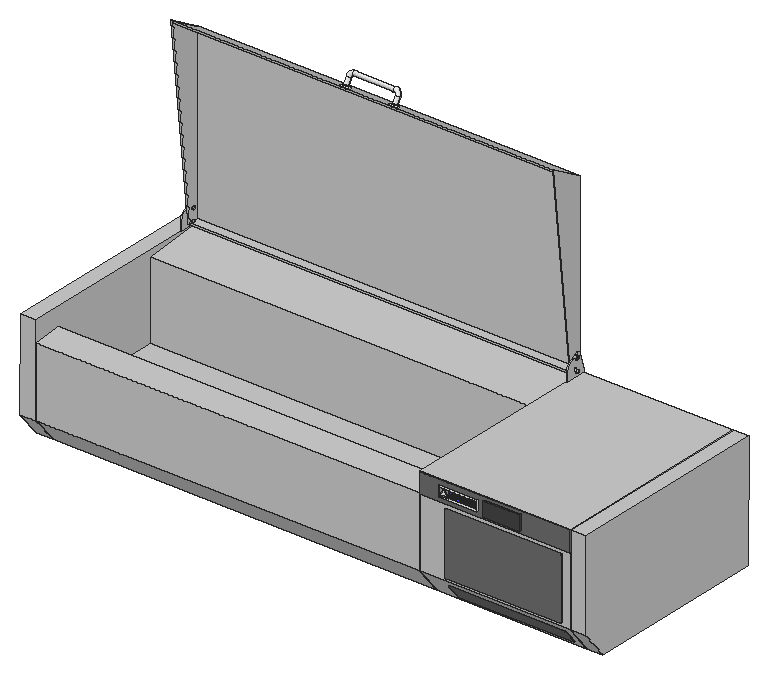
Revit family "Qf_Afinox_VRS1100K", category Specialty Equipment, Revit 2014
Parameters
  Show Logo [instance] = yes
  Show Clearance [instance] = yes
Reference planes
  plane 1 "Back": y = 0
  plane 2: z = 0
  plane 3 "Left": x = 0
  plane 4 "Right": x = 1100
  plane 5 "Front": y = -395
  plane 6 "Top": z = 225
Forms (mm)
  Extrusion 1, solid
    sketch origin (0, 0, 0) x (0, 1, 0) y (0, 0, 1)
      loop
        line (0, 225) -> (-118.091, 213.424) -> (-118.091, 63.424) -> (-342.706, 63.424) -> (-342.706, 191.405) -> (-395, 186.278) -> (-395, 50) -> (-354.511, 0) -> (0, 0) -> (0, 225)
    from 30 to 778
  Extrusion 2, solid
    sketch origin (0, 0, 0) x (0, 1, 0) y (0, 0, 1)
      loop
        line (0, 225) -> (-395, 225) -> (-395, 50) -> (-354.511, 0) -> (0, 0) -> (0, 225)
    from 0 to 30
  Extrusion 3, solid
    sketch origin (1070, 0, 0) x (0, 1, 0) y (0, 0, 1)
      loop
        line (0, 225) -> (-395, 225) -> (-395, 50) -> (-354.511, 0) -> (0, 0) -> (0, 225)
    from 0 to 30
  Extrusion 4, solid
    sketch origin (1040, 0, 0) x (0, 1, 0) y (0, 0, 1)
      loop
        line (0, 225) -> (-395, 225) -> (-395, 50) -> (-354.511, 0) -> (0, 0) -> (0, 225)
    from -262 to 30
  Extrusion 5, solid
    sketch origin (0, -394, -0.038) x (1, 0, 0) y (0, 0, 1)
      loop
        arc (829.65, 178.011) -> (827.352, 177.059) -> (826.4, 174.761) r 3.25
        line (826.4, 174.761) -> (826.4, 59.261)
        arc (826.4, 59.261) -> (827.352, 56.963) -> (829.65, 56.011) r 3.25
        line (829.65, 56.011) -> (1050.15, 56.011)
        arc (1050.15, 56.011) -> (1052.448, 56.963) -> (1053.4, 59.261) r 3.25
        line (1053.4, 59.261) -> (1053.4, 174.761)
        arc (1053.4, 174.761) -> (1052.448, 177.059) -> (1050.15, 178.011) r 3.25
        line (1050.15, 178.011) -> (829.65, 178.011)
    from 0 to 2
  Extrusion 6, solid
    sketch origin (0, -273.564, -98.372) x (1, 0, 0) y (0, -0.62932, 0.777146)
      loop
        arc (829.65, 178.011) -> (827.352, 177.059) -> (826.4, 174.761) r 3.25
        line (826.4, 174.761) -> (826.4, 141.843)
        arc (826.4, 141.843) -> (827.352, 139.544) -> (829.65, 138.593) r 3.25
        line (829.65, 138.593) -> (1050.15, 138.593)
        arc (1050.15, 138.593) -> (1052.448, 139.544) -> (1053.4, 141.843) r 3.25
        line (1053.4, 141.843) -> (1053.4, 174.761)
        arc (1053.4, 174.761) -> (1052.448, 177.059) -> (1050.15, 178.011) r 3.25
        line (1050.15, 178.011) -> (829.65, 178.011)
    from 0 to 2
  Extrusion 7, solid
    sketch origin (-7.665, -397, -1.215) x (1, 0, 0) y (0, 0, 1)
      loop
        line (912.065, 221.354) -> (912.065, 192.354) -> (983.065, 192.354) -> (983.065, 221.354) -> (912.065, 221.354)
    from 0 to 3
  Extrusion 8, solid, visible <- "Show Logo"
    sketch origin (637.556, -397, -384.108) x (1, 0, 0) y (0, 0, 1)
      loop
        line (179.287, 599.596) -> (179.287, 579.899) -> (254.287, 579.899) -> (254.287, 599.596) -> (179.287, 599.596)
      loop
        line (199.226, 597.323) -> (199.226, 582.172) -> (253.014, 582.172) -> (253.014, 597.323) -> (199.226, 597.323)
      loop
        line (180.287, 597.323) -> (180.287, 582.172) -> (198.848, 582.172) -> (198.848, 597.323) -> (180.287, 597.323)
    from 0 to 2
  Extrusion 9, solid, visible <- "Show Logo"
    sketch origin (-155.47, -397, -622.718) x (1, 0, 0) y (0, 0, 1)
      loop
        arc (994.034, 825.04) -> (994.842, 823.416) -> (996.479, 824.198) r 1.293
        line (996.479, 824.198) -> (996.958, 825.22) -> (1000.192, 825.22) -> (1000.6, 824.198)
        arc (1000.6, 824.198) -> (1002.252, 823.366) -> (1003.039, 825.04) r 1.291
        line (1003.039, 825.04) -> (999.801, 832.415)
        arc (999.801, 832.415) -> (998.57, 833.402) -> (997.337, 832.418) r 1.263
        line (997.337, 832.418) -> (994.034, 825.04)
      loop
        line (999.576, 827.427) -> (998.603, 829.738) -> (997.631, 827.445) -> (999.576, 827.427)
      loop
        line (1004.344, 832.421) -> (1004.344, 824.556)
        arc (1004.344, 824.556) -> (1005.631, 823.448) -> (1006.918, 824.556) r 1.302
        line (1006.918, 824.556) -> (1006.918, 827.178) -> (1010.126, 827.178)
        arc (1010.126, 827.178) -> (1011.3, 828.493) -> (1010.126, 829.808) r 1.323
        line (1010.126, 829.808) -> (1006.918, 829.808) -> (1006.918, 830.954) -> (1010.126, 830.954)
        arc (1010.126, 830.954) -> (1011.264, 832.233) -> (1010.126, 833.511) r 1.287
        line (1010.126, 833.511) -> (1005.326, 833.511)
        arc (1005.326, 833.511) -> (1004.652, 833.13) -> (1004.344, 832.421) r 1.22
      loop
        line (1012.593, 832.457) -> (1012.593, 824.488)
        arc (1012.593, 824.488) -> (1013.928, 823.343) -> (1015.262, 824.488) r 1.35
        line (1015.262, 824.488) -> (1015.262, 832.457)
        arc (1015.262, 832.457) -> (1013.928, 833.516) -> (1012.593, 832.457) r 1.37
      loop
        arc (1019.372, 832.457) -> (1018.038, 833.516) -> (1016.703, 832.457) r 1.37
        line (1016.703, 832.457) -> (1016.703, 824.488)
        arc (1016.703, 824.488) -> (1018.038, 823.343) -> (1019.372, 824.488) r 1.35
        line (1019.372, 824.488) -> (1019.372, 828.473) -> (1022.448, 824.488)
        arc (1022.448, 824.488) -> (1023.783, 823.343) -> (1025.118, 824.488) r 1.35
        line (1025.118, 824.488) -> (1025.118, 832.457)
        arc (1025.118, 832.457) -> (1023.783, 833.516) -> (1022.448, 832.457) r 1.37
        line (1022.448, 832.457) -> (1022.448, 828.473) -> (1019.372, 832.457)
      loop
        circle (1031.159, 828.429) r 5.095
      loop
        circle (1031.159, 828.429) r 2.733
      loop
        line (1036.425, 831.5) -> (1038.763, 828.375) -> (1036.365, 825.267)
        arc (1036.365, 825.267) -> (1036.712, 823.621) -> (1038.393, 823.703) r 1.296
        line (1038.393, 823.703) -> (1040.42, 826.313) -> (1042.28, 823.703)
        arc (1042.28, 823.703) -> (1043.993, 823.58) -> (1044.434, 825.238) r 1.346
        line (1044.434, 825.238) -> (1042.048, 828.408) -> (1044.37, 831.408)
        arc (1044.37, 831.408) -> (1044.07, 833.196) -> (1042.269, 832.987) r 1.316
        line (1042.269, 832.987) -> (1040.366, 830.453) -> (1038.502, 833.054)
        arc (1038.502, 833.054) -> (1036.78, 833.19) -> (1036.425, 831.5) r 1.308
      loop
        line (1046.04, 835.933) -> (992.253, 835.933) -> (992.253, 820.782) -> (1046.04, 820.782) -> (1046.04, 835.933)
    from 0 to 2
  Extrusion 10, solid, visible <- "Show Logo"
    sketch origin (-162.598, -397, -442.664) x (1, 0, 0) y (0, 0, 1)
      loop
        line (980.441, 655.879) -> (980.441, 640.728) -> (999.001, 640.728) -> (999.001, 655.879) -> (980.441, 655.879)
      loop
        arc (982.146, 642.435) -> (982.404, 641.667) -> (983.211, 641.586) r 0.747
        line (983.211, 641.586) -> (989.781, 644.576) -> (996.334, 641.6)
        arc (996.334, 641.6) -> (997.088, 641.702) -> (997.296, 642.435) r 0.695
        line (997.296, 642.435) -> (990.231, 654.688)
        arc (990.231, 654.688) -> (989.721, 654.992) -> (989.211, 654.688) r 0.58
        line (989.211, 654.688) -> (982.146, 642.435)
    from 0 to 2
  Extrusion 11, solid, visible <- "Show Logo"
    sketch origin (-196.886, -397, -392.26) x (1, 0, 0) y (0, 0, 1)
      loop
        arc (1016.435, 592.031) -> (1016.693, 591.262) -> (1017.5, 591.182) r 0.747
        line (1017.5, 591.182) -> (1024.07, 594.172) -> (1030.623, 591.195)
        arc (1030.623, 591.195) -> (1031.377, 591.298) -> (1031.584, 592.031) r 0.695
        line (1031.584, 592.031) -> (1024.52, 604.283)
        arc (1024.52, 604.283) -> (1024.01, 604.588) -> (1023.5, 604.283) r 0.58
        line (1023.5, 604.283) -> (1016.435, 592.031)
      loop
        arc (1035.45, 594.582) -> (1036.258, 592.958) -> (1037.895, 593.739) r 1.293
        line (1037.895, 593.739) -> (1038.374, 594.762) -> (1041.608, 594.762) -> (1042.016, 593.739)
        arc (1042.016, 593.739) -> (1043.668, 592.908) -> (1044.455, 594.582) r 1.291
        line (1044.455, 594.582) -> (1041.218, 601.957)
        arc (1041.218, 601.957) -> (1039.986, 602.943) -> (1038.753, 601.959) r 1.263
        line (1038.753, 601.959) -> (1035.45, 594.582)
      loop
        line (1040.992, 596.969) -> (1040.02, 599.279) -> (1039.047, 596.987) -> (1040.992, 596.969)
      loop
        arc (1045.76, 594.097) -> (1047.047, 592.99) -> (1048.334, 594.097) r 1.302
        line (1048.334, 594.097) -> (1048.334, 596.72) -> (1051.542, 596.72)
        arc (1051.542, 596.72) -> (1052.716, 598.035) -> (1051.542, 599.35) r 1.323
        line (1051.542, 599.35) -> (1048.334, 599.35) -> (1048.334, 600.496) -> (1051.542, 600.496)
        arc (1051.542, 600.496) -> (1052.681, 601.774) -> (1051.542, 603.052) r 1.287
        line (1051.542, 603.052) -> (1046.742, 603.052)
        arc (1046.742, 603.052) -> (1046.069, 602.672) -> (1045.76, 601.962) r 1.22
        line (1045.76, 601.962) -> (1045.76, 594.097)
      loop
        arc (1054.01, 594.029) -> (1055.344, 592.884) -> (1056.679, 594.029) r 1.35
        line (1056.679, 594.029) -> (1056.679, 601.999)
        arc (1056.679, 601.999) -> (1055.344, 603.058) -> (1054.01, 601.999) r 1.37
        line (1054.01, 601.999) -> (1054.01, 594.029)
      loop
        arc (1058.12, 594.029) -> (1059.454, 592.884) -> (1060.789, 594.029) r 1.35
        line (1060.789, 594.029) -> (1060.789, 598.014) -> (1063.865, 594.029)
        arc (1063.865, 594.029) -> (1065.199, 592.884) -> (1066.534, 594.029) r 1.35
        line (1066.534, 594.029) -> (1066.534, 601.999)
        arc (1066.534, 601.999) -> (1065.199, 603.058) -> (1063.865, 601.999) r 1.37
        line (1063.865, 601.999) -> (1063.865, 598.014) -> (1060.789, 601.999)
        arc (1060.789, 601.999) -> (1059.454, 603.058) -> (1058.12, 601.999) r 1.37
        line (1058.12, 601.999) -> (1058.12, 594.029)
      loop
        circle (1072.575, 597.971) r 5.095
      loop
        circle (1072.575, 597.971) r 2.733
      loop
        line (1080.18, 597.917) -> (1077.782, 594.809)
        arc (1077.782, 594.809) -> (1078.129, 593.163) -> (1079.809, 593.245) r 1.296
        line (1079.809, 593.245) -> (1081.836, 595.854) -> (1083.697, 593.245)
        arc (1083.697, 593.245) -> (1085.409, 593.121) -> (1085.851, 594.78) r 1.346
        line (1085.851, 594.78) -> (1083.464, 597.949) -> (1085.787, 600.95)
        arc (1085.787, 600.95) -> (1085.486, 602.737) -> (1083.686, 602.528) r 1.316
        line (1083.686, 602.528) -> (1081.782, 599.994) -> (1079.918, 602.596)
        arc (1079.918, 602.596) -> (1078.197, 602.731) -> (1077.841, 601.041) r 1.308
        line (1077.841, 601.041) -> (1080.18, 597.917)
    from 0 to 2
  Extrusion 12, solid
    sketch origin (-134.065, -395, 3.646) x (1, 0, 0) y (0, 0, 1)
      loop
        line (912.065, 221.354) -> (912.065, 182.633) -> (1204.065, 182.633) -> (1204.065, 221.354) -> (912.065, 221.354)
    from 0 to 2
  Extrusion 13, solid
    sketch origin (0, -6.8, 0) x (1, 0, 0) y (0, 0, 1)
      loop
        circle (1050, 20) r 5
    from -17.6 to -6.8
  Extrusion 14, solid
    sketch origin (0, 0, 0) x (1, 0, 0) y (0, 0, 1)
      loop
        line (30, 13) -> (1070, 13) -> (1070, 186) -> (30, 186) -> (30, 13)
      loop
        circle (1050, 20) r 5
    from -10.8 to 0
  Extrusion 15, solid
    sketch origin (0, 0, 0) x (0, 1, 0) y (0, 0, 1)
      loop
        line (-4.839, 566.059) -> (-5.711, 567.602) -> (-67.897, 604.966) -> (-67.483, 601.218) -> (-7.839, 565.38) -> (-7.839, 234.059) -> (-26.661, 234.059) -> (-26.661, 231.059) -> (-4.839, 231.059) -> (-4.839, 566.059)
    from 34.5 to 773.5
  Extrusion 16, solid
    sketch origin (31.5, 0, 0) x (0, 1, 0) y (0, 0, 1)
      loop
        line (-26.661, 231.059) -> (-4.839, 231.059) -> (-4.839, 566.059) -> (-5.711, 567.602) -> (-67.897, 604.966) -> (-26.661, 231.059)
    from 0 to 3
  Extrusion 17, solid
    sketch origin (773.5, 0, 0) x (0, 1, 0) y (0, 0, 1)
      loop
        line (-26.661, 231.059) -> (-4.839, 231.059) -> (-4.839, 566.059) -> (-5.711, 567.602) -> (-67.897, 604.966) -> (-26.661, 231.059)
    from 0 to 3
  Extrusion 18, solid
    sketch origin (27.5, 0, 0) x (0, 1, 0) y (0, 0, 1)
      loop
        line (-1.6, 229.5) -> (-9.4, 262.31)
        arc (-9.4, 262.31) -> (-13.213, 264.976) -> (-16.305, 261.5) r 3.5
        line (-16.305, 261.5) -> (-16.305, 258.7)
        arc (-16.305, 258.7) -> (-19.222, 255.38) -> (-22.819, 257.948) r 3.295
        arc (-22.819, 257.948) -> (-23.057, 258.376) -> (-23.545, 258.419) r 0.522
        arc (-23.545, 258.419) -> (-35.086, 251.292) -> (-39.6, 238.5) r 20.384
        line (-39.6, 238.5) -> (-39.6, 225) -> (-1.6, 225) -> (-1.6, 229.5)
      loop
        line (-16.414, 236.961) -> (-18.9, 242.422)
        arc (-18.9, 242.422) -> (-23.535, 244.158) -> (-25.271, 239.523) r 3.5
        line (-25.271, 239.523) -> (-22.786, 234.062)
        arc (-22.786, 234.062) -> (-18.15, 232.326) -> (-16.414, 236.961) r 3.5
    from 0 to 2.5
  Revolve 19, solid
    sketch origin (0, -19.388, 0) x (1, 0, 0) y (0, 0, 1)
      loop
        line (23.5, 258.511) -> (37.5, 258.511) -> (37.5, 261.033) -> (32.5, 261.033) -> (31.5, 261.5) -> (24.493, 261.5) -> (23.5, 260.507) -> (23.5, 258.511)
      axis (23.5, 258.511) -> (37.5, 258.511)
    angle from 0 to 360
  Revolve 20, solid
    sketch origin (0, -19.388, -23) x (1, 0, 0) y (0, 0, 1)
      loop
        line (23.5, 258.511) -> (37.5, 258.511) -> (37.5, 261.033) -> (32.5, 261.033) -> (31.5, 261.5) -> (24.493, 261.5) -> (23.5, 260.507) -> (23.5, 258.511)
      axis (23.5, 258.511) -> (37.5, 258.511)
    angle from 0 to 360
  Extrusion 21, solid
    sketch origin (780.5, 0, 0) x (0, 1, 0) y (0, 0, -1)
      loop
        line (-1.6, -229.5) -> (-1.6, -225) -> (-39.6, -225) -> (-39.6, -238.5)
        arc (-39.6, -238.5) -> (-35.086, -251.292) -> (-23.545, -258.419) r 20.384
        arc (-23.545, -258.419) -> (-23.057, -258.376) -> (-22.819, -257.948) r 0.522
        arc (-22.819, -257.948) -> (-19.222, -255.38) -> (-16.305, -258.7) r 3.295
        line (-16.305, -258.7) -> (-16.305, -261.5)
        arc (-16.305, -261.5) -> (-13.213, -264.976) -> (-9.4, -262.31) r 3.5
        line (-9.4, -262.31) -> (-1.6, -229.5)
      loop
        arc (-16.414, -236.961) -> (-18.15, -232.326) -> (-22.786, -234.062) r 3.5
        line (-22.786, -234.062) -> (-25.271, -239.523)
        arc (-25.271, -239.523) -> (-23.535, -244.158) -> (-18.9, -242.422) r 3.5
        line (-18.9, -242.422) -> (-16.414, -236.961)
    from 0 to 2.5
  Revolve 22, solid
    sketch origin (808, -19.388, 0) x (-1, 0, 0) y (0, 0, -1)
      loop
        line (23.5, -258.511) -> (23.5, -260.507) -> (24.493, -261.5) -> (31.5, -261.5) -> (32.5, -261.033) -> (37.5, -261.033) -> (37.5, -258.511) -> (23.5, -258.511)
      axis (23.5, -258.511) -> (37.5, -258.511)
    angle from 0 to 360
  Revolve 23, solid
    sketch origin (808, -19.388, -23) x (-1, 0, 0) y (0, 0, -1)
      loop
        line (23.5, -258.511) -> (23.5, -260.507) -> (24.493, -261.5) -> (31.5, -261.5) -> (32.5, -261.033) -> (37.5, -261.033) -> (37.5, -258.511) -> (23.5, -258.511)
      axis (23.5, -258.511) -> (37.5, -258.511)
    angle from 0 to 360
  Sweep 24, solid
    path origin (0, -355.476, 85.218) x (1, 0, 0) y (0, 0.515038, 0.857167)
      loop
        line (356.001, 596.626) -> (356.001, 610.769)
        arc (356.001, 610.769) -> (358.302, 616.325) -> (363.858, 618.626) r 7.857
        line (363.858, 618.626) -> (443.144, 618.626)
        arc (443.144, 618.626) -> (448.7, 616.325) -> (451.001, 610.769) r 7.857
        line (451.001, 610.769) -> (451.001, 596.626)
    profile origin (356.001, -44.549, 602.688) x (-1, 0, 0) y (0, -0.857167, 0.515038)
      loop
        circle (0, 0) r 4
  Revolve 25, solid
    sketch origin (355.968, 0, 0) x (0, 1, 0) y (0, 0, 1)
      loop
        line (-48.191, 596.626) -> (-51.796, 598.792)
        arc (-51.796, 598.792) -> (-53.02, 598.984) -> (-54.032, 598.269) r 1.648
        line (-54.032, 598.269) -> (-54.747, 598.698)
        arc (-54.747, 598.698) -> (-55.805, 598.856) -> (-56.664, 598.217) r 1.396
        line (-56.664, 598.217) -> (-49.736, 594.055) -> (-48.191, 596.626)
      axis (-48.191, 596.626) -> (-49.736, 594.055)
    angle from 0 to 360
  Revolve 26, solid
    sketch origin (450.968, 0, 0) x (0, 1, 0) y (0, 0, 1)
      loop
        line (-48.191, 596.626) -> (-51.796, 598.792)
        arc (-51.796, 598.792) -> (-53.02, 598.984) -> (-54.032, 598.269) r 1.648
        line (-54.032, 598.269) -> (-54.747, 598.698)
        arc (-54.747, 598.698) -> (-55.805, 598.856) -> (-56.664, 598.217) r 1.396
        line (-56.664, 598.217) -> (-49.736, 594.055) -> (-48.191, 596.626)
      axis (-48.191, 596.626) -> (-49.736, 594.055)
    angle from 0 to 360
Lines and regions (mm)
  symbolic lines, style "200-EquipBorder-2D"
    curve 1: line (0, 0, 0) -> (1100, 0, 0)
    curve 2: line (0, -395, 0) -> (0, 0, 0)
    curve 3: line (1100, -395, 0) -> (0, -395, 0)
    curve 4: line (1100, 0, 0) -> (1100, -395, 0)
    curve 10: line (30, 0, 0) -> (30, 10.8, 0)
    curve 11: line (30, 10.8, 0) -> (1070, 10.8, 0)
    curve 12: line (1070, 10.8, 0) -> (1070, 0, 0)
  symbolic lines, style "200-EquipInternal-2D"
    curve 5: line (30, -22.377, 0) -> (30, -395, 0)
    curve 6: line (778, -22.377, 0) -> (778, -395, 0)
    curve 7: line (1070, 0, 0) -> (1070, -395, 0)
    curve 8: line (778, -342.706, 0) -> (30, -342.706, 0)
    curve 9: line (30, -118.091, 0) -> (778, -118.091, 0)
    curve 13: line (31.5, -4.839, 0) -> (776.5, -4.839, 0)
    curve 14: line (31.5, -67.897, 0) -> (31.5, -4.839, 0)
    curve 15: line (776.5, -67.897, 0) -> (31.5, -67.897, 0)
    curve 16: line (776.5, -4.839, 0) -> (776.5, -67.897, 0)
    curve 17: line (784.5, -17.393, 0) -> (784.5, -21.384, 0)
    curve 18: line (784.5, -21.384, 0) -> (783.507, -22.377, 0)
    curve 19: line (783.507, -22.377, 0) -> (776.5, -22.377, 0)
    curve 20: line (783.507, -16.4, 0) -> (776.5, -16.4, 0)
    curve 21: line (783.507, -16.4, 0) -> (784.5, -17.393, 0)
    curve 22: line (778, 0, 0) -> (778, -16.4, 0)
    curve 23: line (778, -1.6, 0) -> (780.5, -1.6, 0)
    curve 24: line (780.5, -1.6, 0) -> (780.5, -16.4, 0)
    curve 25: line (780.5, -22.377, 0) -> (780.5, -39.6, 0)
    curve 26: line (780.5, -39.6, 0) -> (778, -39.6, 0)
    curve 27: line (31.5, -16.414, 0) -> (24.493, -16.414, 0)
    curve 28: line (24.493, -16.414, 0) -> (23.5, -17.407, 0)
    curve 29: line (23.5, -17.407, 0) -> (23.5, -21.384, 0)
    curve 30: line (23.5, -21.384, 0) -> (24.493, -22.377, 0)
    curve 31: line (24.493, -22.377, 0) -> (31.5, -22.377, 0)
    curve 32: line (30, -1.6, 0) -> (27.5, -1.6, 0)
    curve 33: line (27.5, -1.6, 0) -> (27.5, -16.414, 0)
    curve 34: line (27.5, -22.377, 0) -> (27.5, -39.6, 0)
    curve 35: line (27.5, -39.6, 0) -> (30, -39.6, 0)
    curve 36: spline (351.823, -43.789, 0) -> (349.284, -45.842, 0) -> (347.992, -48.62, 0) -> (348.186, -51.607, 0) -> (349.831, -54.244, 0) -> (352.621, -56.042, 0) -> (356.034, -56.664, 0) -> (359.435, -55.995, 0) -> (362.19, -54.159, 0) -> (363.785, -51.498, 0) -> (363.923, -48.51, 0) -> (362.578, -45.749, 0) -> (360.001, -43.733, 0)
    curve 37: spline (447.001, -43.701, 0) -> (444.392, -45.709, 0) -> (443.021, -48.475, 0) -> (443.146, -51.479, 0) -> (444.743, -54.154, 0) -> (447.511, -55.999, 0) -> (450.931, -56.664, 0) -> (454.357, -56.026, 0) -> (457.146, -54.204, 0) -> (458.771, -51.541, 0) -> (458.929, -48.539, 0) -> (457.588, -45.762, 0) -> (455.001, -43.733, 0)
    curve 38: spline (360.001, -48.191, 0) -> (359.865, -49.079, 0) -> (359.465, -49.906, 0) -> (358.829, -50.616, 0) -> (358.001, -51.161, 0) -> (357.036, -51.503, 0) -> (356.001, -51.62, 0) -> (354.966, -51.503, 0) -> (354.001, -51.161, 0) -> (353.173, -50.616, 0) -> (352.537, -49.906, 0) -> (352.137, -49.079, 0) -> (352.001, -48.191, 0)
    curve 39: spline (455.001, -48.191, 0) -> (454.865, -49.079, 0) -> (454.465, -49.906, 0) -> (453.829, -50.616, 0) -> (453.001, -51.161, 0) -> (452.036, -51.503, 0) -> (451.001, -51.62, 0) -> (449.966, -51.503, 0) -> (449.001, -51.161, 0) -> (448.173, -50.616, 0) -> (447.537, -49.906, 0) -> (447.137, -49.079, 0) -> (447.001, -48.191, 0)
    curve 40: line (352.001, -48.191, 0) -> (352.001, -40.849, 0)
    curve 41: line (360.001, -48.191, 0) -> (360.001, -41.684, 0)
    curve 42: line (447.001, -48.191, 0) -> (447.001, -41.628, 0)
    curve 43: line (455.001, -48.191, 0) -> (455.001, -40.849, 0)
    curve 44: line (363.775, -40.849, 0) -> (443.473, -40.849, 0)
    curve 45: line (363.775, -32.842, 0) -> (443.227, -32.842, 0)
    curve 46: spline (363.775, -32.842, 0) -> (362.238, -32.911, 0) -> (360.727, -33.115, 0) -> (359.269, -33.452, 0) -> (357.888, -33.915, 0) -> (356.607, -34.497, 0) -> (355.449, -35.187, 0) -> (354.434, -35.975, 0) -> (353.578, -36.846, 0) -> (352.897, -37.785, 0) -> (352.402, -38.777, 0) -> (352.102, -39.804, 0) -> (352.001, -40.849, 0)
    curve 47: spline (443.227, -32.842, 0) -> (444.764, -32.911, 0) -> (446.275, -33.115, 0) -> (447.733, -33.452, 0) -> (449.114, -33.915, 0) -> (450.395, -34.497, 0) -> (451.553, -35.187, 0) -> (452.568, -35.975, 0) -> (453.424, -36.846, 0) -> (454.105, -37.785, 0) -> (454.6, -38.777, 0) -> (454.9, -39.804, 0) -> (455.001, -40.849, 0)
    curve 48: arc (447.001, -41.628, 0) -> (445.28, -41.046, 0) -> (443.473, -40.849, 0) r 8.377
    curve 49: arc (360.001, -41.684, 0) -> (361.842, -41.061, 0) -> (363.775, -40.849, 0) r 8.945
    curve 50: line (30, 0, 0) -> (30, -16.414, 0)
Dimensions and locks
  plane 3 "Left" to plane 4 "Right" = 1100 mm
  plane 5 "Front" to plane 1 "Back" = 395 mm
  plane 6 "Top" to level = 225 mm
  aligned and locked: level to plane 2
Connectors
  electrical at (1050, 10.8, 20)
    settings: on Extrusion 13, index 1, voltage 0 V, apparent load 0 VA, apparent load phase1 0 VA, apparent load phase2 0 VA, apparent load phase3 0 VA, power factor 1, load classification "Other", number of poles 1, system type 31, power factor state 1, is connector primary yes, connector utility no, sub classification motor no, connector description "Electrical connection"
